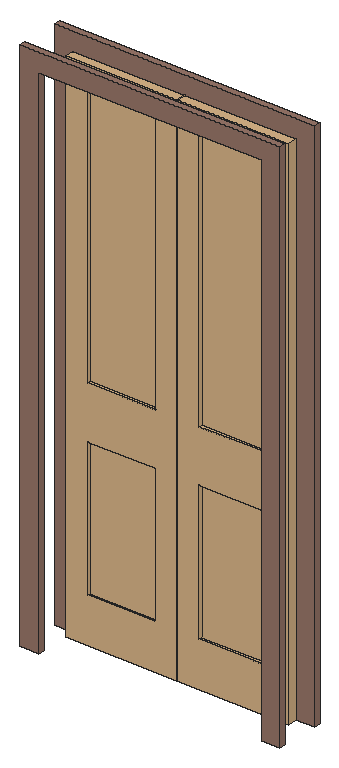
Revit family "Bifold-2 Panel", category Doors, host Wall, Revit 2021
Family settings
  Host = Wall
  OmniClass Number = 23.30.10.17.17.24
  OmniClass Title = Bifold Doors
  Always vertical = Yes
  Cut with Voids When Loaded = No
  Shared = No
  Room Calculation Point = No
Parameters (values of type "36" x 84"")
  Visual Light Transmittance = 0
  Thickness = 0' - 1 1/2"
  Thermal Resistance (R) = 1.5338 (h·ft²·°F)/BTU
  Solar Heat Gain Coefficient = 0
  Define Thermal Properties by = Schematic Type
  Construction Type Id = "MDOOR"
  Heat Transfer Coefficient (U) = 0.651978 BTU/(h·ft²·°F)
  Function = Interior
  Assembly Code = "C1020"
  Door Material = Door - Panel
  Frame Material = Door - Frame
  Height = 7' - 0"
  Trim Projection Ext = 0' - 1"
  Trim Projection Int = 0' - 1"
  Trim Width = 0' - 3"
  Wall Closure = By host
  Width = 3' - 0"
  Analytic Construction = "Metal"
Types (5): name | Height | Width
  36" x 84" | 7' - 0" | 3' - 0"
  32" x 84" | 7' - 0" | 2' - 8"
  30" x 84" | 7' - 0" | 2' - 6"
  30" x 80" | 6' - 8" | 2' - 6"
  36" x 80" | 6' - 8" | 3' - 0"
Reference planes (in)
  plane 1: y = 0
  plane 2: z = 0
  plane 3: x = 0
  plane 4: x = -18
  plane 5: x = 18
  plane 6: z = 84
  plane 7: x = 2
  plane 8: x = -14
  plane 9: z = 7.25
  plane 10: z = 80.5
  plane 11: z = 29.5
  plane 12: z = 37.9968
  plane 13: x = -14.5
  plane 14: x = -3.5
  plane 15: x = 3.5
  plane 16: x = 14.5
  plane 17: y = 2
  plane 18: y = 2.5
  plane 19: y = 3
Forms (in)
  Extrusion 1, solid, material "Door - Panel" <- "Door Material"
    sketch origin (0, 0, 0) x (1, 0, 0) y (0, 0, 1)
      loop
        line (0, 84) -> (0, 0) -> (18, 0) -> (18, 84) -> (0, 84)
      loop
        line (14.5, 80.5) -> (3.5, 80.5) -> (3.5, 37.9968) -> (14.5, 37.9968) -> (14.5, 80.5)
      loop
        line (14.5, 29.5) -> (3.5, 29.5) -> (3.5, 7.25) -> (14.5, 7.25) -> (14.5, 29.5)
    from -3 to -1.5
  Extrusion 2, solid, material "Door - Frame" <- "Frame Material"
    sketch origin (-60, -3, 0) x (1, 0, 0) y (0, 0, 1)
      loop
        line (39, 87) -> (39, 0) -> (42, 0) -> (42, 84) -> (78, 84) -> (78, 0) -> (81, 0) -> (81, 87) -> (39, 87)
    from 0 to 1
  Extrusion 3, solid, material "Door - Frame" <- "Frame Material"
    sketch origin (-60, 3, 0) x (-1, 0, 0) y (0, 0, 1)
      loop
        line (-81, 87) -> (-81, 0) -> (-78, 0) -> (-78, 84) -> (-42, 84) -> (-42, 0) -> (-39, 0) -> (-39, 87) -> (-81, 87)
    from 0 to 1
  Extrusion 4, solid, material "Door - Panel" <- "Door Material"
    sketch origin (0, 1.5, 0) x (0, 0, -1) y (1, 0, 0)
      loop
        line (-80.5, -3.5) -> (-80.5, -14.5) -> (-37.9968, -14.5) -> (-37.9968, -3.5) -> (-80.5, -3.5)
      loop
        line (-29.5, -3.5) -> (-29.5, -14.5) -> (-7.25, -14.5) -> (-7.25, -3.5) -> (-29.5, -3.5)
      loop
        line (-80.5, 14.5) -> (-80.5, 3.5) -> (-37.9968, 3.5) -> (-37.9968, 14.5) -> (-80.5, 14.5)
      loop
        line (-29.5, 14.5) -> (-29.5, 3.5) -> (-7.25, 3.5) -> (-7.25, 14.5) -> (-29.5, 14.5)
    from -1 to -0.5
  Extrusion 5, solid, material "Door - Panel" <- "Door Material"
    sketch origin (0, 1.5, 0) x (0, 0, -1) y (1, 0, 0)
      loop
        line (-84, -18) -> (0, -18) -> (0, 0) -> (-84, 0) -> (-84, -18)
      loop
        line (-80.5, -14.5) -> (-37.9968, -14.5) -> (-37.9968, -3.5) -> (-80.5, -3.5) -> (-80.5, -14.5)
      loop
        line (-29.5, -14.5) -> (-7.25, -14.5) -> (-7.25, -3.5) -> (-29.5, -3.5) -> (-29.5, -14.5)
    from -1.5 to 0
Lines and regions (in)
  Opening 1
    outline origin (-60, -3, 144) x (0, 0, -1) y (1, 0, 0)
      loop
        line (60, 42) -> (144, 42) -> (144, 78) -> (60, 78) -> (60, 42)
  model lines, style "DoorsFrameMullionProjection"
    curve 1: line (-21, -3, 0) -> (-21, -3, 87)
    curve 2: line (-21, -3, 87) -> (21, -3, 87)
    curve 3: line (21, -3, 87) -> (21, -3, 0)
    curve 4: line (21, 3, 0) -> (21, 3, 87)
    curve 5: line (-21, 3, 87) -> (21, 3, 87)
    curve 6: line (-21, 3, 87) -> (-21, 3, 0)
  symbolic lines, style "DoorsPanelProjection"
    curve 7: line (-13.99907, 2.99846, 0) -> (1.19587, 12.64801, 0)
    curve 8: line (-13.19494, 1.73221, 0) -> (-13.99907, 2.99846, 0)
    curve 9: line (2, 11.38176, 0) -> (-13.19494, 1.73221, 0)
    curve 10: line (1.19587, 12.64801, 0) -> (2, 11.38176, 0)
    curve 13: line (17.99907, 2.99846, 0) -> (2.80413, 12.64801, 0)
    curve 14: line (17.19494, 1.73221, 0) -> (17.99907, 2.99846, 0)
    curve 15: line (2, 11.38176, 0) -> (17.19494, 1.73221, 0)
    curve 16: line (2.80413, 12.64801, 0) -> (2, 11.38176, 0)
  symbolic lines, style "InvisibleLines", detail levels coarse
    curve 11: line (18, 3, 0) -> (2, 11.38176, 0)
    curve 12: line (2, 11.38176, 0) -> (-14, 3, 0)
  symbolic lines, style "Elevation Swing"
    curve 17: line (-18, 0, 84) -> (0, 0, 42)
    curve 18: line (0, 0, 42) -> (-14.5, 0, 0)
    curve 19: line (0, 0, 84) -> (18, 0, 42)
    curve 20: line (0, 0, 0) -> (18, 0, 42)
Dimensions and locks (in)
  equal spacing: plane 4, plane 3, plane 5
  "Width": plane 4 to plane 5
  "Height": plane 6 to plane 2
  "Trim Width": plane 4 to curve 1
  "Trim Width": plane 5 to curve 3
  "Trim Width": plane 6 to curve 2
  locked: curve 5 to host wall
  "Trim Projection Ext": Extrusion 3 to host wall
  "Trim Projection Int": Extrusion 2 to host wall
  locked: Extrusion 1 to host wall at 1.5
  equal spacing: plane 8, plane 7, plane 5
  plane 4 to plane 8 = 0' - 4"
  plane 12 to plane 11 to plane 9 to plane 2 = 0' - 8.4968", 1' - 10 1/4", 0' - 7 1/4"
  plane 6 to plane 10 = 0' - 3 1/2"
  locked: plane 4 to plane 13 at 3.5
  locked: plane 14 to plane 3 at 3.5
  locked: plane 3 to plane 15 at 3.5
  locked: plane 16 to plane 5 at 3.5
  locked: plane 18 to plane 17 at 0.5
  locked: host wall to Extrusion 5 at 1.5
  equal spacing: plane 6, curve 18, plane 2
  equal spacing: plane 6, curve 20, plane 2
  locked: plane 19 to host wall at 0
  locked: plane 17 to plane 19 at 1
  aligned and locked: host wall to Extrusion 1
  aligned and locked: plane 2 to curve 1
  aligned and locked: curve 3 to level
  aligned and locked: curve 4 to curve 3
  aligned and locked: curve 2 to Extrusion 2 sketch curve
  aligned and locked: Extrusion 2 sketch curve to curve 1
  aligned and locked: Extrusion 2 sketch curve to curve 3
  aligned and locked: Extrusion 2 to Extrusion 3 sketch curve
  aligned and locked: Extrusion 3 sketch curve to Extrusion 2  (x2)
  aligned and locked: Extrusion 1 sketch curve to plane 3
  aligned and locked: plane 16 to Extrusion 1 sketch curve  (x2)
  aligned and locked: Extrusion 1 sketch curve to plane 10
  aligned and locked: plane 12 to Extrusion 1 sketch curve
  aligned and locked: plane 15 to Extrusion 1 sketch curve  (x2)
  aligned and locked: Extrusion 1 sketch curve to plane 11
  aligned and locked: plane 9 to Extrusion 1 sketch curve
  aligned and locked: plane 13 to Extrusion 4 sketch curve
  aligned and locked: Extrusion 4 sketch curve to Extrusion 1  (x8)
  aligned and locked: Extrusion 5 sketch curve to host wall
  aligned and locked: Extrusion 5 sketch curve to Extrusion 1  (x2)
  aligned and locked: host wall to Extrusion 5
  aligned and locked: Extrusion 5 sketch curve to Extrusion 4  (x8)
  aligned and locked: Extrusion 4 to plane 18
  aligned and locked: plane 17 to Extrusion 4
Automatic sketch dimensions
  Opening 1 sketch curve to plane 6 = 0' - 0"
  Opening 1 sketch curve to level = 0' - 0"
  Opening 1 sketch curve to plane 4 = 0' - 0"
  Opening 1 sketch curve to plane 5 = 0' - 0"
  Extrusion 2 sketch curve to level = 0' - 0"  (x2)
  Extrusion 2 sketch curve to plane 4 = 0' - 0"
  Extrusion 2 sketch curve to plane 5 = 0' - 0"
  Extrusion 2 sketch curve to plane 6 = 0' - 0"
  Extrusion 3 sketch curve to level = 0' - 0"  (x2)
  Extrusion 3 sketch curve to plane 5 = 0' - 0"
  Extrusion 3 sketch curve to plane 4 = 0' - 0"
  Extrusion 3 sketch curve to plane 6 = 0' - 0"
  curve 12 to host wall = 0' - 0"
  curve 12 to plane 8 = 0' - 0"
  curve 9 to plane 7 = 0' - 0"
  curve 11 to plane 5 = 0' - 0"
  plane 8 to curve 7 = 0' - 0.00093"
  plane 8 to curve 8 = 0' - 0.80506"
  plane 7 to curve 16 = 0' - 0.80413"
  plane 5 to curve 14 = 0' - 0.80506"
  curve 14 to host wall = 0' - 0.00154"
  curve 7 to host wall = 0' - 0.00154"
  curve 9 to curve 8 = 0' - 1.26624"
  curve 11 to host wall = 0' - 0"
  Extrusion 1 sketch curve to plane 5 = 0' - 0"
  Extrusion 1 sketch curve to level = 0' - 0"
  Extrusion 1 sketch curve to plane 6 = 0' - 0"
  Extrusion 4 sketch curve to plane 10 = 0' - 0"
  Extrusion 4 sketch curve to plane 12 = 0' - 0"
  Extrusion 4 sketch curve to plane 11 = 0' - 0"
  Extrusion 4 sketch curve to plane 9 = 0' - 0"
  Extrusion 4 sketch curve to plane 13 = 0' - 0"
  Extrusion 4 sketch curve to plane 14 = 0' - 0"  (x2)
  Extrusion 5 sketch curve to plane 4 = 0' - 0"
  curve 17 to plane 4 = 0' - 0"
  curve 17 to plane 6 = 0' - 0"
  curve 19 to plane 3 = 0' - 0"
  curve 19 to plane 6 = 0' - 0"
  curve 20 to plane 5 = 0' - 0"
  curve 6 to level = 0' - 0"
  curve 4 to level = 0' - 0"
  curve 20 to level = 0' - 0"
  curve 18 to level = 0' - 0"
  curve 18 to plane 13 = 0' - 0"
  curve 17 to plane 3 = 0' - 0"
  curve 20 to plane 3 = 0' - 0"
  curve 6 to curve 1 = 0' - 0"  (x2)
